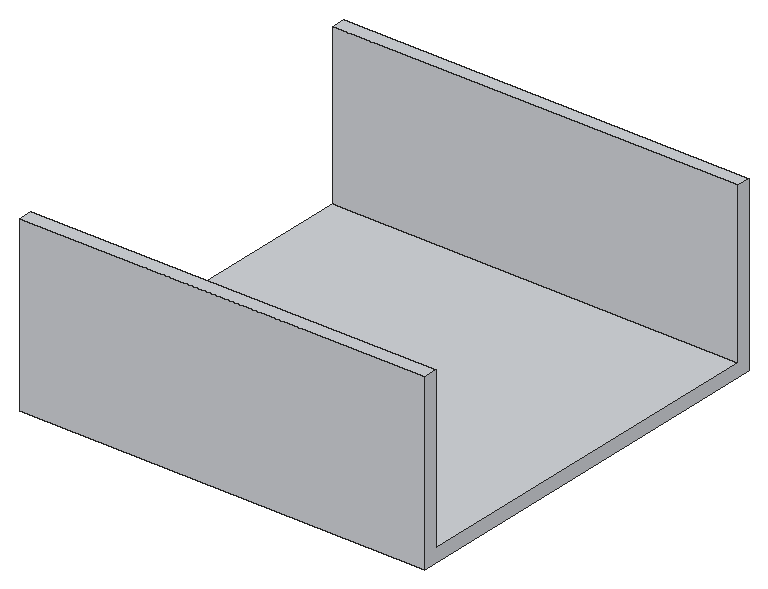
Revit family "cable tray 1 2021", category ケーブル ラック継手, Revit 2021
Family settings
  丸型コネクタ寸法 = 直径を使用
  パーツ タイプ = チャネル ユニオン
  OmniClass 番号 = 23.80.30.17.17
  OmniClass タイトル = Cable Trays and Horizontal Racks
  作業面ベース = いいえ
  常に垂直 = はい
  ロード時にボイドで切り取り = いいえ
  共有 = いいえ
Parameters (values of type "標準")
  トレイ幅 [instance] = 75 mm
  トレイ長さ [instance] = 75 mm
  トレイ高さ [instance] = 32 mm
  既定の高さ [instance] = 2.5 mm
  Default Elevation = 0 mm
Reference planes
  plane 1 "中心(正面/背面)": y = 0
  plane 2: z = 0
  plane 3 "中心(左/右)": x = 0
  plane 4: x = 37.5
  plane 5: y = 37.5
  plane 6: y = -37.5
  plane 7: z = 16
  plane 8: z = -16
  plane 9: z = -13.5
  plane 10: y = 35
  plane 11: y = -35
  plane 12: y = 37.5
  plane 13: y = -37.5
  plane 14: z = 16
  plane 15: z = -16
  plane 16: x = 75
Forms (mm)
  Sweep 1, solid, detail levels fine
    path in 3D
      loop
        line (0, 0, 0) -> (75, 0, 0)
    profile origin (37.5, 0, 0) x (0, 1, 0) y (0, 0, 1)
      loop
        line (37.5, -16) -> (37.5, 16) -> (35, 16) -> (35, -13.5) -> (-35, -13.5) -> (-35, 16) -> (-37.5, 16) -> (-37.5, -16) -> (37.5, -16)
  Sweep 2, solid, detail levels medium
    path in 3D
      loop
        line (0, 0, 0) -> (75, 0, 0)
    profile origin (37.5, 0, 0) x (0, 1, 0) y (0, 0, 1)
      loop
        line (37.5, 16) -> (-37.5, 16) -> (-37.5, -16) -> (37.5, -16) -> (37.5, 16)
Lines and regions (mm)
  model lines, detail levels coarse
    curve 1: line (0, 0, 0) -> (75, 0, 0)
  sketch lines
    curve 2: line (0, 0, 0) -> (75, 0, 0)
    curve 3: line (0, 0, 0) -> (75, 0, 0)
Dimensions and locks
  equal spacing: plane 5, plane 1 "中心(正面/背面)", plane 6
  "トレイ幅": plane 5 to plane 6
  equal spacing: plane 7, plane 2, plane 8
  "トレイ高さ": plane 7 to plane 8
  "既定の高さ": plane 5 to plane 10
  "既定の高さ": plane 11 to plane 6
  "既定の高さ": plane 8 to plane 9
  "トレイ幅": plane 12 to plane 13
  equal spacing: plane 12, plane 1 "中心(正面/背面)", plane 13
  equal spacing: plane 14, plane 2, plane 15
  "トレイ高さ": plane 14 to plane 15
  equal spacing: plane 3 "中心(左/右)", plane 4, plane 16
  "トレイ長さ": plane 3 "中心(左/右)" to plane 16
  aligned and locked: plane 1 "中心(正面/背面)" to curve 1
  aligned and locked: plane 6 to Sweep 1 sketch curve  (x2)
  aligned and locked: plane 8 to Sweep 1 sketch curve  (x2)
  aligned and locked: Sweep 1 sketch curve to plane 5
  aligned and locked: plane 7 to Sweep 1 sketch curve  (x3)
  aligned and locked: plane 11 to Sweep 1 sketch curve  (x2)
  aligned and locked: plane 9 to Sweep 1 sketch curve  (x2)
  aligned and locked: plane 10 to Sweep 1 sketch curve  (x2)
  aligned and locked: Sweep 1 sketch curve to plane 7
  aligned and locked: Sweep 2 sketch curve to plane 14
  aligned and locked: Sweep 2 sketch curve to plane 15
  aligned and locked: plane 13 to Sweep 2 sketch curve
  aligned and locked: plane 12 to Sweep 2 sketch curve
  aligned and locked: plane 16 to curve 1
  aligned and locked: plane 3 "中心(左/右)" to curve 1
Connectors
  cabletrayconduit at (0, 0, 0), diameter 609.6, driven by "トレイ高さ", driven by "トレイ幅"
    settings: on Sweep 2, index 1, connector width 75 mm, connector height 32 mm, connector angle 0.00°, system type 32, placement type 0, profile type 1, connector reference index 2, is primary connector yes, connector utility param no, connector description ""
  cabletrayconduit at (75, 0, 0), diameter 609.6, driven by "トレイ高さ", driven by "トレイ幅"
    settings: on Sweep 2, index 2, connector width 75 mm, connector height 32 mm, connector angle 0.00°, system type 32, placement type 0, profile type 1, connector reference index 1, is primary connector no, connector utility param no, connector description ""
